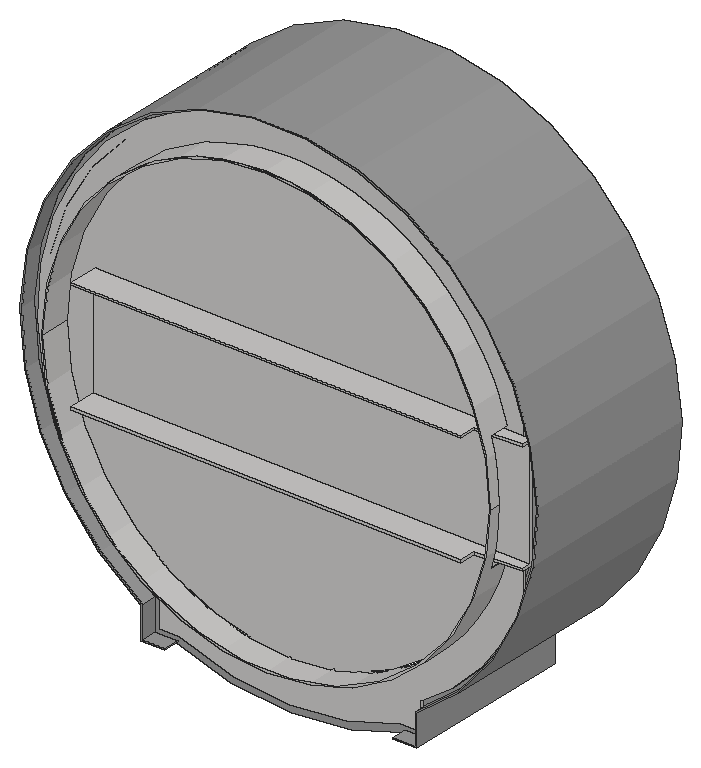
Revit family "DAN DRYER Björk Toilet Roll Holder Jumbo + 1 3350", category Casework, host Wall, Revit 2018
Family settings
  Host = Wall
  OmniClass Number = 23.40.35.00
  OmniClass Title = Casework
  Always vertical = Yes
  Cut with Voids When Loaded = No
  Shared = No
  Room Calculation Point = No
Parameters (values of type "DAN DRYER Björk Toilet Roll Holder Jumbo + 1 - 3350")
  URL = "https://www.dandryer.com/Files/Billeder/PDF/Datablade/Nye/Data%20sheet%20DAN%20DRYER%20BJ%C3%96RK%20Jumbo%203350-3355-3360.pdf"
  Model = "Björk - 3350"
  Manufacturer = "Dan Dryer"
  Description = "Toilet Roll Holder Jumbo + 1"
Reference planes
  plane 1: y = 0
  plane 2 "Center (Left/Right)": x = 125
  plane 3 "Back": y = 75
Text (mm)
  text "Placement side" at (-1343.702, 674.496, 0), in view "Ref. Level"
  text "Placement side" at (0, 1232.041, 2958.779), in view "Left"
  text "Placement side" at (0, 590.385, 3035.99), in view "Right"
Dimensions and locks
  locked: plane 3 "Back" to host wall at 0
  aligned and locked: plane 1 to host wall
  aligned and locked: nested 1 to plane 3 "Back"
Nested families
  nested 1: "Toilet Roll Holder Jumbo" at (125, 75, 1300) x (-1, 0, 0) z (0, 0, 1), type "Toilet Roll Holder Jumbo"
Definition of nested family "Toilet Roll Holder Jumbo"
  Parameters (values of type "Toilet Roll Holder Jumbo")
    Shield Finish = none
    Default Elevation = 1219.2 mm
  Reference planes
    plane 1 "Center (Front/Back)": y = 0
    plane 2: z = 0
    plane 3 "Center (Left/Right)": x = 0
  Dimensions and locks
    aligned and locked: level to plane 2
    aligned and locked: nested 1 to plane 1 "Center (Front/Back)"
    aligned and locked: nested 2 to nested 1
  Nested families
    nested 1: "Backplate" at (0, 0, 0) x (1, 0, 0) z (0, -1, 0), type "Backplate"
    nested 2: "Shield" at (0, -14.5, 0) x (1, 0, 0) z (0, -1, 0), type "Shield"
  Definition of nested family "Backplate"
    Parameters (values of type "Backplate")
      Stainless steel = none
      Default Elevation = 1219.2 mm
    Reference planes
      plane 1 "Center (Front/Back)": y = 0
      plane 2: z = 0
      plane 3 "Center (Left/Right)": x = 0
      plane 4: x = -115
      plane 5: x = 115
      plane 6: x = -205
    Forms (mm)
      Extrusion 1, solid, material <- "Stainless steel"
        sketch origin (0, 0, 0) x (1, 0, 0) y (0, 1, 0)
          loop
            circle (0, 0) r 197.5
          loop
            circle (0, 0) r 196.5
        from 1 to 27
      Extrusion 2, solid, material <- "Stainless steel"
        sketch origin (0, 0, 0) x (0, 1, 0) y (0, 0, 1)
          loop
            line (50, 0) -> (50, 27) -> (-50, 27) -> (-50, 0) -> (-48, 0) -> (-48, 25) -> (48, 25) -> (48, 0) -> (50, 0)
        from -212.535 to 171.153
      Extrusion 3, void
        sketch origin (0, 0, 0) x (1, 0, 0) y (0, 0, 1)
          loop
            line (-251.85, 19.915) -> (-251.85, -4.28) -> (-171.698, -4.28) -> (-171.698, 14.31) -> (-251.85, 19.915)
        from 60 to -60
      Extrusion 4, solid, material <- "Stainless steel"
        sketch origin (0, 0, 0) x (1, 0, 0) y (0, 1, 0)
          loop
            arc (115, -190.476) -> (145.613, 168.235) -> (-205, 86.494) r 222.5
            line (-205, 86.494) -> (-205, -86.494)
            arc (-205, -86.494) -> (-168.235, -145.613) -> (-115, -190.476) r 222.5
            line (-115, -190.476) -> (-115, -215) -> (-97.565, -215)
            arc (-97.565, -215) -> (0, -234) -> (97.565, -215) r 260
            line (97.565, -215) -> (115, -215) -> (115, -190.476)
        from 28.5 to 27
      Extrusion 5, void
        sketch origin (0, 0, 0) x (0, 1, 0) y (0, 0, 1)
          loop
            line (52.109, 27) -> (-52.891, 27) -> (-52.891, 9.569) -> (52.109, 9.569) -> (52.109, 27)
        from -150 to -200
    Cuts and joins
      Extrusion 5 cuts Extrusion 1
      Extrusion 3 cuts Extrusion 2
      Extrusion 5 cuts Extrusion 4
      joined: Extrusion 1, Extrusion 2, Extrusion 4
    Dimensions and locks
      plane 6 to Extrusion 4 sketch curve = 427.5 mm
      aligned and locked: level to plane 2
  Definition of nested family "Shield"
    Parameters (values of type "Shield")
      Paint finish = none
      Default Elevation = 1219.2 mm
    Reference planes
      plane 1 "Center (Front/Back)": y = 0
      plane 2: z = 0
      plane 3 "Center (Left/Right)": x = 0
      plane 4: z = 79.647
      plane 5: y = -241.1
    Forms (mm)
      Extrusion 1, solid, material <- "Paint finish"
        sketch origin (0, 0, 0) x (1, 0, 0) y (0, 1, 0)
          loop
            line (-121, -192.653) -> (-121, -220.453) -> (-100, -220.453) -> (-100, -219.453) -> (-120, -219.453) -> (-120, -192.1)
            arc (-120, -192.1) -> (0, 226.5) -> (120, -192.1) r 226.5
            line (120, -192.1) -> (120, -219.453) -> (100, -219.453) -> (100, -220.453) -> (121, -220.453) -> (121, -192.653)
            arc (121, -192.653) -> (0, 227.5) -> (-121, -192.653) r 227.5
        from 0 to 158
      Extrusion 2, void
        sketch origin (0, 56.875, 0) x (0, 1, 0) y (0, 0, 1)
          loop
            line (-282.328, 195.172) -> (-282.328, 151.5) -> (-249.73, 151.5) -> (-249.73, 195.172) -> (-282.328, 195.172)
        from 150 to -150
      Extrusion 3, solid, material <- "Paint finish"
        sketch origin (0, 0, 0) x (1, 0, 0) y (0, 1, 0)
          loop
            line (-120, -192.1) -> (-120, -219.453) -> (120, -219.453) -> (120, -192.1)
            arc (120, -192.1) -> (0, 226.5) -> (-120, -192.1) r 226.5
          loop
            line (-2.5, -131.453) -> (-2.5, -176.453)
            arc (-2.5, -176.453) -> (0, -178.953) -> (2.5, -176.453) r 2.5
            line (2.5, -176.453) -> (2.5, -131.453)
            arc (2.5, -131.453) -> (0, -128.953) -> (-2.5, -131.453) r 2.5
        from 150.5 to 151.5
      Extrusion 4, solid, material <- "Paint finish"
        sketch origin (0, 0, 0) x (1, 0, 0) y (0, 1, 0)
          loop
            line (-120, -192.1) -> (-120, -219.453) -> (-100, -219.453) -> (-100, -220.453) -> (-104.544, -220.453)
            arc (-104.544, -220.453) -> (0, -241.1) -> (104.544, -220.453) r 275
            line (104.544, -220.453) -> (100, -220.453) -> (100, -219.453) -> (120, -219.453) -> (120, -192.1)
            arc (120, -192.1) -> (0, 226.5) -> (-120, -192.1) r 226.5
          loop
            line (-110, -186.473) -> (-110, -201.684)
            arc (-110, -201.684) -> (0, -226.1) -> (110, -201.684) r 260
            line (110, -201.684) -> (110, -186.473)
            arc (110, -186.473) -> (0, 216.5) -> (-110, -186.473) r 216.5
        from 15.5 to 14
    Cuts and joins
      Extrusion 2 cuts Extrusion 1
      joined: Extrusion 1, Extrusion 3, Extrusion 4
    Dimensions and locks
      Extrusion 1 to Extrusion 2 sketch curve = 6.5 mm
      cut or joined group of Extrusion 1, Extrusion 2, Extrusion 3, Extrusion 4 to plane 5 = 468.6 mm
      aligned and locked: level to plane 2
